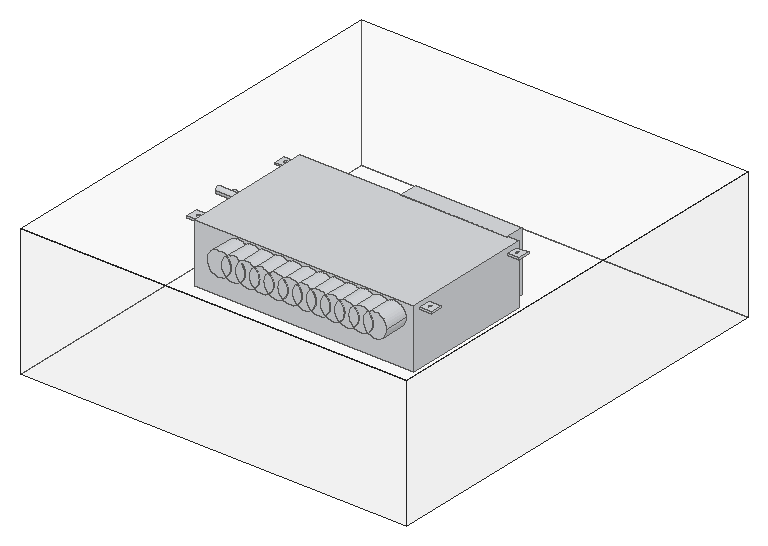
Revit family "cmb-p104_1016(j(a)1_kb1)_50Hz_A", category 機械設備, Revit 2023
Family settings
  丸型コネクタ寸法 = 直径を使用
  パーツ タイプ = 標準
  OmniClass 番号 = 23.75.10.24.21.27.24
  OmniClass タイトル = Room Air Conditioners
  作業面ベース = いいえ
  常に垂直 = はい
  ロード時にボイドで切り取り = いいえ
  注釈の向きを維持 = いいえ
  共有 = いいえ
  部屋計算ポイント = はい
Parameters (values of type "CMB-P1012J1")
  高圧径_室外ユニット側 = 19.05 mm
  高圧径_分コン子機側 = 0.00 mm
  音響パワーレベル(dB) = 0
  電源種別 = ""
  電圧 = 200 V
  運転質量 = 0.00 kg
  質量 = if(製品質量 > 運転質量, 製品質量, 運転質量) * 1.2  # 61.20 kg
  負荷分類 = 3_ファン類
  説明 = "ビル用マルチエアコン 室外ユニット用 分流コントローラー"
  設置方法 = "天井吊（隠ぺい形）"
  記号 [instance] = ""
  製造元 = "三菱電機株式会社"
  製品質量 = 51.00 kg
  製品出荷対象 = "国内"
  製品リリース年月 = "2019年6月1日"
  製品グループ = ""
  系統 [instance] = ""
  管径符号_室外ユニット側 = "Eh"
  符号 = ""
  積算_科目 = "1 空気調和設備"
  積算_拾い区分 [instance] = ""
  相 = 1
  盤記号 [instance] = ""
  発停方法 = ""
  特殊仕様 [instance] = ""
  点検口位置W = 650 mm
  点検口_右側 = no
  火災停止 = ""
  消費電力_暖房 = 93 W
  消費電力_冷房 = 194 W
  消費電力 = if(消費電力_冷房 > 消費電力_暖房, 消費電力_冷房, 消費電力_暖房)  # 194 W
  法定耐用年数 = "15"
  極数 = 2
  材質 [instance] = ""
  書き出し IFC クラス(タイプ) = "IfcUnitaryEquipmentType"
  既定の高さ = 0 mm
  推奨ブレーカー容量 = 15 A
  形式 = "個別ユニット（天井吊（隠ぺい形））"
  形名 = CMB-P-JKAB : CMB-P1012J1
  幹線記号 [instance] = ""
  定義済み IFC タイプ(タイプ) = "AIRCONDITIONINGUNIT"
  始動方式 = "直入"
  呼称 = "室内機_天井吊（隠ぺい形）"
  周波数 = 50 Hz
  参照している仕様書等のバージョン = "公共建築工事標準仕様書（機械設備工事編）平成31年度版"
  分類コード = "50053003221160"
  分類グループ = ""
  冷媒高低圧ガス管径 = 0.00 mm
  冷媒管径符号 = "Bd"
  冷媒管径 = 100.00 mm
  冷媒液管径_分コン子機側 = 0.00 mm
  冷媒液管径 = 9.52 mm
  冷媒ガス管径 = 15.88 mm
  低圧径_室外ユニット側 = 28.58 mm
  低圧径_分コン子機側 = 0.00 mm
  企業コード = "108420"
  モデル = "CMB-P1012J1"
  コメント [instance] = ""
  ケーブルサイズ = 1.6 mm
  Keynote = ""
  Version = ""
  Uniclass2015Version = "Systems v1.9"
  Uniclass2015Title = "Split coil remote air cooled condensing units"
  Uniclass2015Code = ""
  URL = "https://www.mitsubishielectric.co.jp/ldg/wink/ssl/displayProduct.do?pid=298332"
  SpecificationReference = ""
  SpecificationDescription = ""
  Revision = ""
  ProductInformation = ""
  OmniClassCode = ""
  IfcTypeProduct = ""
  IfcProduct = ""
  IfcExportType = "AIRCONDITIONINGUNIT"
  IfcExportAs = "IfcUnitaryEquipmentType"
  仕様書バージョン = "Version1.0"
  ドレン管径 = 32.00 mm
  Width = 927 mm
  Height = 253 mm
  Depth = 554 mm
  Clearance Top = 100 mm
  Clearance Right = 410 mm
  Clearance Left = 300 mm
  Clearance Front = 550 mm
  Clearance Bottom = 200 mm
  Clearance Back = 700 mm
  Author = "三菱電機株式会社"
Types (10, lengths in mm): name | 高圧径_室外ユニット側 | 高圧径_分コン子機側 | 質量 | 製品質量 | 管径符号_室外ユニット側 | 点検口位置W | 点検口_右側 | 消費電力_暖房 | 消費電力_冷房 | 消費電力 | 形名 | 冷媒液管径_分コン子機側 | 低圧径_室外ユニット側 | 低圧径_分コン子機側 | モデル | URL | Width | Depth | Clearance Right | Clearance Left
  CMB-P104J1 | 19.05 | 0.00 | 32.40 kg | 27.00 kg | "Eh" | 80 | no | 31 W | 70 W | 70 W | CMB-P-JKAB : CMB-P104J1 | 0.00 | 28.58 | 0.00 | "CMB-P104J1" | "https://www.mitsubishielectric.co.jp/ldg/wink/ssl/displayProduct.do?pid=298329" | 612 | 407 | 0 | 370
  CMB-P106J1 | 19.05 | 0.00 | 37.20 kg | 31.00 kg | "Eh" | 80 | no | 47 W | 101 W | 101 W | CMB-P-JKAB : CMB-P106J1 | 0.00 | 28.58 | 0.00 | "CMB-P106J1" | "https://www.mitsubishielectric.co.jp/ldg/wink/ssl/displayProduct.do?pid=298330" | 612 | 407 | 0 | 370
  CMB-P108J1 | 19.05 | 0.00 | 42.00 kg | 35.00 kg | "Eh" | 80 | no | 62 W | 132 W | 132 W | CMB-P-JKAB : CMB-P108J1 | 0.00 | 28.58 | 0.00 | "CMB-P108J1" | "https://www.mitsubishielectric.co.jp/ldg/wink/ssl/displayProduct.do?pid=298331" | 612 | 407 | 0 | 370
  CMB-P1012J1 | 19.05 | 0.00 | 61.20 kg | 51.00 kg | "Eh" | 650 | no | 93 W | 194 W | 194 W | CMB-P-JKAB : CMB-P1012J1 | 0.00 | 28.58 | 0.00 | "CMB-P1012J1" | "https://www.mitsubishielectric.co.jp/ldg/wink/ssl/displayProduct.do?pid=298332" | 927 | 554 | 410 | 300
  CMB-P1016J1 | 19.05 | 0.00 | 75.60 kg | 63.00 kg | "Eh" | 760 | no | 124 W | 255 W | 255 W | CMB-P-JKAB : CMB-P1016J1 | 0.00 | 28.58 | 0.00 | "CMB-P1016J1" | "https://www.mitsubishielectric.co.jp/ldg/wink/ssl/displayProduct.do?pid=298333" | 1151 | 554 | 410 | 300
  CMB-P108JA1 | 34.93 | 28.58 | 60.00 kg | 50.00 kg | "Jk" | 490 | yes | 62 W | 132 W | 132 W | CMB-P-JKAB : CMB-P108JA1 | 19.05 | 38.10 | 38.10 | "CMB-P108JA1" | "https://www.mitsubishielectric.co.jp/ldg/wink/ssl/displayProduct.do?pid=298334" | 927 | 554 | 250 | 300
  CMB-P1012JA1 | 19.05 | 28.58 | 75.60 kg | 63.00 kg | "Jk" | 760 | yes | 93 W | 194 W | 194 W | CMB-P-JKAB : CMB-P1012JA1 | 19.05 | 28.58 | 38.10 | "CMB-P1012JA1" | "https://www.mitsubishielectric.co.jp/ldg/wink/ssl/displayProduct.do?pid=298335" | 1151 | 554 | 410 | 300
  CMB-P1016JA1 | 19.05 | 28.58 | 85.20 kg | 71.00 kg | "Jk" | 760 | yes | 124 W | 255 W | 255 W | CMB-P-JKAB : CMB-P1016JA1 | 19.05 | 28.58 | 38.10 | "CMB-P1016JA1" | "https://www.mitsubishielectric.co.jp/ldg/wink/ssl/displayProduct.do?pid=298336" | 1151 | 554 | 410 | 300
  CMB-P104KB1 | 19.05 | 0.00 | 28.80 kg | 24.00 kg | "Eh" | 80 | no | 31 W | 62 W | 62 W | CMB-P-JKAB : CMB-P104KB1 | 0.00 | 28.58 | 0.00 | "CMB-P104KB1" | "https://www.mitsubishielectric.co.jp/ldg/wink/ssl/displayProduct.do?pid=298337" | 612 | 407 | 0 | 370
  CMB-P108KB1 | 19.05 | 0.00 | 38.40 kg | 32.00 kg | "Eh" | 80 | no | 62 W | 124 W | 124 W | CMB-P-JKAB : CMB-P108KB1 | 0.00 | 28.58 | 0.00 | "CMB-P108KB1" | "https://www.mitsubishielectric.co.jp/ldg/wink/ssl/displayProduct.do?pid=298339" | 612 | 407 | 0 | 370
Reference planes
  plane 1 "中心(正面/背面)": y = 0
  plane 2: z = 0
  plane 3 "中心(左/右)": x = 0
  plane 4: y = 277
  plane 5: y = -277
  plane 6: z = 253
  plane 7: x = -463.5
  plane 8: x = 463.5
  plane 9: z = 353
  plane 10 "tenken": z = -200
  plane 11: y = 977
  plane 12: x = -763.5
  plane 13: y = -827
  plane 14: x = 873.5
  plane 15 "点検口_1": x = -313.5
  plane 16 "点検口_3": x = 223.5
  plane 17 "点検口_5": y = 453.5
Lines and regions (mm)
  Masking region 1, detail levels coarse+medium
    outline origin (0, 0, 0) x (1, 0, 0) y (0, 1, 0)
      loop
        line (-463.5, -277) -> (463.5, -277) -> (463.5, 277) -> (-463.5, 277) -> (-463.5, -277)
Dimensions and locks
  equal spacing: plane 4, plane 1 "中心(正面/背面)", plane 5
  "Depth": plane 4 to plane 5
  "Height": plane 6 to level
  equal spacing: plane 7, plane 3 "中心(左/右)", plane 8
  "Width": plane 7 to plane 8
  "Clearance Top": plane 9 to plane 6
  "Clearance Bottom": level to plane 10 "tenken"
  "Clearance Right": plane 8 to plane 14
  "Clearance Left": plane 12 to plane 7
  "Clearance Back": plane 11 to plane 4
  "Clearance Front": plane 5 to plane 13
  locked: plane 12 to plane 15 "点検口_1" at 450
  "点検口位置W": plane 16 "点検口_3" to plane 14
  aligned and locked: level to plane 2
  aligned and locked: Masking region 1 sketch curve to plane 7
  aligned and locked: plane 8 to Masking region 1 sketch curve
  aligned and locked: plane 14 to nested 1
  aligned and locked: nested 1 to plane 13
  aligned and locked: plane 12 to nested 1
  aligned and locked: nested 1 to plane 11
  aligned and locked: nested 1 to plane 9
  aligned and locked: plane 10 "tenken" to nested 1
  aligned and locked: plane 3 "中心(左/右)" to nested 2
  aligned and locked: plane 1 "中心(正面/背面)" to nested 2
  aligned and locked: nested 3 to plane 16 "点検口_3"
  aligned and locked: nested 3 to plane 11
  aligned and locked: plane 12 to nested 4
  aligned and locked: plane 13 to nested 4
  aligned and locked: nested 5 to plane 14
  aligned and locked: nested 5 to plane 13
Automatic sketch dimensions
  Masking region 1 sketch curve to plane 4 = 0 mm
  Masking region 1 sketch curve to plane 5 = 0 mm
Nested families
  nested 1: "サービススペース(CMB-P-JKAB)" at (55, 75, 76.5), type "サービススペース(CMB-P-JKAB)"
    with Width 1637 mm, Height 553 mm, Depth 1804 mm
  nested 2: "CMB-P-JKAB" at (0, -73.5, 0), type <- "形名", type "CMB-P1012J1"
  nested 3: "点検口設置範囲" at (-1.5, 752, -200), type "点検口設置範囲"
    with Width 450 mm, Depth 450 mm
  nested 4: "点検口設置範囲" at (-538.5, -602, -200), type "点検口設置範囲"
    with Width 450 mm, Depth 450 mm
  nested 5: "点検口設置範囲" at (648.5, -602, -200), visible <- "点検口_右側", type "点検口設置範囲"
    with Width 450 mm, Depth 450 mm
Connectors
  piping at (-583.5, -5, 205), diameter 28.58, driven by "低圧径_室外ユニット側"
    settings: on nested 2, index 1, connector inside diameter 609.60 mm, connector length 0 mm, flow factor 0, pipe flow 0.0 L/s, pressure drop 0.0 Pa, fitting loss kfactor 0, connector angle 0.00°, fixture units 0, engagement length 0 mm, angle of deflection 0.00°, flow configuration 0, flow direction 1, fitting loss method 4, system type 7, joint type 0, gender type 0, connector reference index -1, connector utility 0, adjustable connector no, is connector primary yes, connector description ""
  piping at (-583.5, -5, 205), diameter 28.58, driven by "低圧径_室外ユニット側"
    settings: on nested 2, index 2, connector inside diameter 609.60 mm, connector length 0 mm, flow factor 0, pipe flow 0.0 L/s, pressure drop 0.0 Pa, fitting loss kfactor 0, connector angle 0.00°, fixture units 0, engagement length 0 mm, angle of deflection 0.00°, flow configuration 1, flow direction 1, fitting loss method 4, system type 7, joint type 0, gender type 0, connector reference index -1, connector utility 0, adjustable connector no, is connector primary no, connector description ""
  piping at (-655.5, 4, 32), diameter 32, driven by "ドレン管径"
    settings: on nested 2, index 3, connector inside diameter 609.60 mm, connector length 0 mm, flow factor 0, pipe flow 0.0 L/s, pressure drop 0.0 Pa, fitting loss kfactor 0, connector angle 0.00°, fixture units 0, engagement length 0 mm, angle of deflection 0.00°, flow configuration 1, flow direction 2, fitting loss method 4, system type 16, joint type 0, gender type 0, connector reference index -1, connector utility 0, adjustable connector no, is connector primary no, connector description ""
  piping at (-282, -377, 193), diameter 100, driven by "冷媒管径", driven by "冷媒管径符号"
    settings: on nested 2, index 4, connector inside diameter 609.60 mm, connector length 0 mm, flow factor 0, pipe flow 0.0 L/s, pressure drop 0.0 Pa, fitting loss kfactor 0, connector angle 0.00°, fixture units 0, engagement length 0 mm, angle of deflection 0.00°, flow configuration 1, flow direction 1, fitting loss method 4, system type 7, joint type 0, gender type 0, connector reference index -1, connector utility 0, adjustable connector no, is connector primary no, connector description "Bd"
  piping at (-222, -377, 193), diameter 100, driven by "冷媒管径", driven by "冷媒管径符号"
    settings: on nested 2, index 5, connector inside diameter 609.60 mm, connector length 0 mm, flow factor 0, pipe flow 0.0 L/s, pressure drop 0.0 Pa, fitting loss kfactor 0, connector angle 0.00°, fixture units 0, engagement length 0 mm, angle of deflection 0.00°, flow configuration 1, flow direction 1, fitting loss method 4, system type 7, joint type 0, gender type 0, connector reference index -1, connector utility 0, adjustable connector no, is connector primary no, connector description "Bd"
  piping at (-162, -377, 193), diameter 100, driven by "冷媒管径", driven by "冷媒管径符号"
    settings: on nested 2, index 6, connector inside diameter 609.60 mm, connector length 0 mm, flow factor 0, pipe flow 0.0 L/s, pressure drop 0.0 Pa, fitting loss kfactor 0, connector angle 0.00°, fixture units 0, engagement length 0 mm, angle of deflection 0.00°, flow configuration 1, flow direction 1, fitting loss method 4, system type 7, joint type 0, gender type 0, connector reference index -1, connector utility 0, adjustable connector no, is connector primary no, connector description "Bd"
  piping at (-102, -377, 193), diameter 100, driven by "冷媒管径", driven by "冷媒管径符号"
    settings: on nested 2, index 7, connector inside diameter 609.60 mm, connector length 0 mm, flow factor 0, pipe flow 0.0 L/s, pressure drop 0.0 Pa, fitting loss kfactor 0, connector angle 0.00°, fixture units 0, engagement length 0 mm, angle of deflection 0.00°, flow configuration 1, flow direction 1, fitting loss method 4, system type 7, joint type 0, gender type 0, connector reference index -1, connector utility 0, adjustable connector no, is connector primary no, connector description "Bd"
  piping at (-42, -377, 193), diameter 100, driven by "冷媒管径", driven by "冷媒管径符号"
    settings: on nested 2, index 8, connector inside diameter 609.60 mm, connector length 0 mm, flow factor 0, pipe flow 0.0 L/s, pressure drop 0.0 Pa, fitting loss kfactor 0, connector angle 0.00°, fixture units 0, engagement length 0 mm, angle of deflection 0.00°, flow configuration 1, flow direction 1, fitting loss method 4, system type 7, joint type 0, gender type 0, connector reference index -1, connector utility 0, adjustable connector no, is connector primary no, connector description "Bd"
  piping at (18, -377, 193), diameter 100, driven by "冷媒管径", driven by "冷媒管径符号"
    settings: on nested 2, index 9, connector inside diameter 609.60 mm, connector length 0 mm, flow factor 0, pipe flow 0.0 L/s, pressure drop 0.0 Pa, fitting loss kfactor 0, connector angle 0.00°, fixture units 0, engagement length 0 mm, angle of deflection 0.00°, flow configuration 1, flow direction 1, fitting loss method 4, system type 7, joint type 0, gender type 0, connector reference index -1, connector utility 0, adjustable connector no, is connector primary no, connector description "Bd"
  piping at (78, -377, 193), diameter 100, driven by "冷媒管径", driven by "冷媒管径符号"
    settings: on nested 2, index 10, connector inside diameter 609.60 mm, connector length 0 mm, flow factor 0, pipe flow 0.0 L/s, pressure drop 0.0 Pa, fitting loss kfactor 0, connector angle 0.00°, fixture units 0, engagement length 0 mm, angle of deflection 0.00°, flow configuration 1, flow direction 1, fitting loss method 4, system type 7, joint type 0, gender type 0, connector reference index -1, connector utility 0, adjustable connector no, is connector primary no, connector description "Bd"
  piping at (138, -377, 193), diameter 100, driven by "冷媒管径", driven by "冷媒管径符号"
    settings: on nested 2, index 11, connector inside diameter 609.60 mm, connector length 0 mm, flow factor 0, pipe flow 0.0 L/s, pressure drop 0.0 Pa, fitting loss kfactor 0, connector angle 0.00°, fixture units 0, engagement length 0 mm, angle of deflection 0.00°, flow configuration 1, flow direction 1, fitting loss method 4, system type 7, joint type 0, gender type 0, connector reference index -1, connector utility 0, adjustable connector no, is connector primary no, connector description "Bd"
  piping at (198, -377, 193), diameter 100, driven by "冷媒管径", driven by "冷媒管径符号"
    settings: on nested 2, index 12, connector inside diameter 609.60 mm, connector length 0 mm, flow factor 0, pipe flow 0.0 L/s, pressure drop 0.0 Pa, fitting loss kfactor 0, connector angle 0.00°, fixture units 0, engagement length 0 mm, angle of deflection 0.00°, flow configuration 1, flow direction 1, fitting loss method 4, system type 7, joint type 0, gender type 0, connector reference index -1, connector utility 0, adjustable connector no, is connector primary no, connector description "Bd"
  piping at (258, -377, 193), diameter 100, driven by "冷媒管径", driven by "冷媒管径符号"
    settings: on nested 2, index 13, connector inside diameter 609.60 mm, connector length 0 mm, flow factor 0, pipe flow 0.0 L/s, pressure drop 0.0 Pa, fitting loss kfactor 0, connector angle 0.00°, fixture units 0, engagement length 0 mm, angle of deflection 0.00°, flow configuration 1, flow direction 1, fitting loss method 4, system type 7, joint type 0, gender type 0, connector reference index -1, connector utility 0, adjustable connector no, is connector primary no, connector description "Bd"
  piping at (318, -377, 193), diameter 100, driven by "冷媒管径", driven by "冷媒管径符号"
    settings: on nested 2, index 14, connector inside diameter 609.60 mm, connector length 0 mm, flow factor 0, pipe flow 0.0 L/s, pressure drop 0.0 Pa, fitting loss kfactor 0, connector angle 0.00°, fixture units 0, engagement length 0 mm, angle of deflection 0.00°, flow configuration 1, flow direction 1, fitting loss method 4, system type 7, joint type 0, gender type 0, connector reference index -1, connector utility 0, adjustable connector no, is connector primary no, connector description "Bd"
  piping at (378, -377, 193), diameter 100, driven by "冷媒管径", driven by "冷媒管径符号"
    settings: on nested 2, index 15, connector inside diameter 609.60 mm, connector length 0 mm, flow factor 0, pipe flow 0.0 L/s, pressure drop 0.0 Pa, fitting loss kfactor 0, connector angle 0.00°, fixture units 0, engagement length 0 mm, angle of deflection 0.00°, flow configuration 1, flow direction 1, fitting loss method 4, system type 7, joint type 0, gender type 0, connector reference index -1, connector utility 0, adjustable connector no, is connector primary no, connector description "Bd"
  piping at (438, -377, 193), diameter 100, driven by "冷媒管径", driven by "冷媒管径符号"
    settings: on nested 2, index 16, connector inside diameter 609.60 mm, connector length 0 mm, flow factor 0, pipe flow 0.0 L/s, pressure drop 0.0 Pa, fitting loss kfactor 0, connector angle 0.00°, fixture units 0, engagement length 0 mm, angle of deflection 0.00°, flow configuration 1, flow direction 1, fitting loss method 4, system type 7, joint type 0, gender type 0, connector reference index -1, connector utility 0, adjustable connector no, is connector primary no, connector description "Bd"
  piping at (498, -377, 193), diameter 100, driven by "冷媒管径", driven by "冷媒管径符号"
    settings: on nested 2, index 17, connector inside diameter 609.60 mm, connector length 0 mm, flow factor 0, pipe flow 0.0 L/s, pressure drop 0.0 Pa, fitting loss kfactor 0, connector angle 0.00°, fixture units 0, engagement length 0 mm, angle of deflection 0.00°, flow configuration 1, flow direction 1, fitting loss method 4, system type 7, joint type 0, gender type 0, connector reference index -1, connector utility 0, adjustable connector no, is connector primary no, connector description "Bd"
  piping at (558, -377, 193), diameter 100, driven by "冷媒管径", driven by "冷媒管径符号"
    settings: on nested 2, index 18, connector inside diameter 609.60 mm, connector length 0 mm, flow factor 0, pipe flow 0.0 L/s, pressure drop 0.0 Pa, fitting loss kfactor 0, connector angle 0.00°, fixture units 0, engagement length 0 mm, angle of deflection 0.00°, flow configuration 1, flow direction 1, fitting loss method 4, system type 7, joint type 0, gender type 0, connector reference index -1, connector utility 0, adjustable connector no, is connector primary no, connector description "Bd"
  piping at (-583.5, -102, 215), diameter 15.88, driven by "冷媒ガス管径"
    settings: on nested 2, index 19, connector inside diameter 609.60 mm, connector length 0 mm, flow factor 0, pipe flow 0.0 L/s, pressure drop 0.0 Pa, fitting loss kfactor 0, connector angle 0.00°, fixture units 0, engagement length 0 mm, angle of deflection 0.00°, flow configuration 1, flow direction 1, fitting loss method 4, system type 7, joint type 0, gender type 0, connector reference index -1, connector utility 0, adjustable connector no, is connector primary no, connector description ""
  piping at (618, -377, 193), diameter 100, driven by "冷媒管径", driven by "冷媒管径符号"
    settings: on nested 2, index 20, connector inside diameter 609.60 mm, connector length 0 mm, flow factor 0, pipe flow 0.0 L/s, pressure drop 0.0 Pa, fitting loss kfactor 0, connector angle 0.00°, fixture units 0, engagement length 0 mm, angle of deflection 0.00°, flow configuration 1, flow direction 1, fitting loss method 4, system type 7, joint type 0, gender type 0, connector reference index -1, connector utility 0, adjustable connector no, is connector primary no, connector description "Bd"
  piping at (-583.5, 73, 161), diameter 19.05, driven by "高圧径_室外ユニット側"
    settings: on nested 2, index 21, connector inside diameter 609.60 mm, connector length 0 mm, flow factor 0, pipe flow 0.0 L/s, pressure drop 0.0 Pa, fitting loss kfactor 0, connector angle 0.00°, fixture units 0, engagement length 0 mm, angle of deflection 0.00°, flow configuration 1, flow direction 1, fitting loss method 4, system type 7, joint type 0, gender type 0, connector reference index -1, connector utility 0, adjustable connector no, is connector primary no, connector description ""
  piping at (619.5, 110, 205), driven by "高圧径_分コン子機側"
    settings: on nested 2, index 22, connector diameter 0.00 mm, connector inside diameter 609.60 mm, connector length 0 mm, flow factor 0, pipe flow 0.0 L/s, pressure drop 0.0 Pa, fitting loss kfactor 0, connector angle 0.00°, fixture units 0, engagement length 0 mm, angle of deflection 0.00°, flow configuration 1, flow direction 1, fitting loss method 4, system type 7, joint type 0, gender type 0, connector reference index -1, connector utility 0, adjustable connector no, is connector primary no, connector description ""
  piping at (619.5, -5, 205), driven by "低圧径_分コン子機側"
    settings: on nested 2, index 23, connector diameter 0.00 mm, connector inside diameter 609.60 mm, connector length 0 mm, flow factor 0, pipe flow 0.0 L/s, pressure drop 0.0 Pa, fitting loss kfactor 0, connector angle 0.00°, fixture units 0, engagement length 0 mm, angle of deflection 0.00°, flow configuration 1, flow direction 1, fitting loss method 4, system type 7, joint type 0, gender type 0, connector reference index -1, connector utility 0, adjustable connector no, is connector primary no, connector description ""
  piping at (547.5, 56, 155), driven by "冷媒液管径_分コン子機側"
    settings: on nested 2, index 24, connector diameter 0.00 mm, connector inside diameter 609.60 mm, connector length 0 mm, flow factor 0, pipe flow 0.0 L/s, pressure drop 0.0 Pa, fitting loss kfactor 0, connector angle 0.00°, fixture units 0, engagement length 0 mm, angle of deflection 0.00°, flow configuration 1, flow direction 1, fitting loss method 4, system type 7, joint type 0, gender type 0, connector reference index -1, connector utility 0, adjustable connector no, is connector primary no, connector description ""
  electrical at (188.5, 354, 126.5), driven by "電圧", driven by "負荷分類", driven by "消費電力", driven by "極数"
    settings: on nested 2, index 25, voltage 200 V, apparent load 194 VA, apparent load phase1 0 VA, apparent load phase2 0 VA, apparent load phase3 0 VA, power factor 1, load classification "3_ファン類", number of poles 2, system type 30, power factor state 1, is connector primary yes, connector utility no, sub classification motor no, connector description ""
Definition of nested family "サービススペース(CMB-P-JKAB)"
  Parameters (values of type "サービススペース")
    Default Elevation = 0 mm
    Width [instance] = 500 mm
    Height [instance] = 500 mm
    Depth [instance] = 500 mm
  Reference planes
    plane 1 "中心(正面/背面)": y = 0
    plane 2: z = 0
    plane 3 "中心(左/右)": x = 0
    plane 4: y = -250
    plane 5: x = 250
    plane 6: y = 250
    plane 7: x = -250
    plane 8: z = 250
    plane 9: z = -250
  Forms (mm)
    Extrusion 1, solid
      sketch origin (-638.939, 0, 72.39) x (1, 0, 0) y (0, 1, 0)
        loop
          line (388.939, 250) -> (388.939, -250) -> (888.939, -250) -> (888.939, 250) -> (388.939, 250)
      from -322.39 to 177.61
  Lines and regions (mm)
    symbolic lines
      curve 1: line (-250, 0, 250) -> (250, 0, 250)
      curve 2: line (-250, 0, -250) -> (-250, 0, 250)
      curve 3: line (250, 0, -250) -> (-250, 0, -250)
      curve 4: line (250, 0, 250) -> (250, 0, -250)
      curve 5: line (0, -250, 250) -> (0, 250, 250)
      curve 6: line (0, -250, -250) -> (0, -250, 250)
      curve 7: line (0, 250, -250) -> (0, -250, -250)
      curve 8: line (0, 250, 250) -> (0, 250, -250)
      curve 9: line (-250, 250, 0) -> (250, 250, 0)
      curve 10: line (-250, -250, 0) -> (-250, 250, 0)
      curve 11: line (250, -250, 0) -> (-250, -250, 0)
      curve 12: line (250, 250, 0) -> (250, -250, 0)
  Dimensions and locks
    equal spacing: plane 7, plane 3 "中心(左/右)", plane 5
    equal spacing: plane 4, plane 1 "中心(正面/背面)", plane 6
    "Depth": plane 4 to plane 6
    "Width": plane 7 to plane 5
    equal spacing: plane 8, plane 2, plane 9
    "Height": plane 8 to plane 9
    aligned and locked: plane 9 to curve 3
    aligned and locked: plane 7 to curve 2
    aligned and locked: curve 4 to plane 5
    aligned and locked: plane 5 to Extrusion 1
    aligned and locked: Extrusion 1 to plane 7
    aligned and locked: Extrusion 1 to plane 9
    aligned and locked: plane 8 to Extrusion 1
    aligned and locked: plane 9 to curve 7
  Automatic sketch dimensions
    plane 4 to Extrusion 1 sketch curve = 0 mm
    Extrusion 1 sketch curve to plane 7 = 0 mm
    Extrusion 1 sketch curve to plane 5 = 0 mm
    plane 6 to Extrusion 1 sketch curve = 0 mm
    curve 2 to plane 8 = 0 mm
    plane 4 to curve 11 = 0 mm
    curve 11 to plane 7 = 0 mm
    curve 11 to plane 5 = 0 mm
    plane 6 to curve 10 = 0 mm
    curve 7 to plane 4 = 0 mm
    curve 7 to plane 6 = 0 mm
    curve 6 to plane 8 = 0 mm
Definition of nested family "CMB-P-JKAB"
  Parameters (values of type "CMB-P1012J1")
    配管接続口液 = 6.35 mm  # constant formula
    配管接続口ガス = 12.7 mm  # constant formula
    表示 = no
    液径 = 15.88 mm
    液_表示 = no
    Default Elevation = 0 mm
    右液W = 84 mm  # constant formula
    右液H = 98 mm  # constant formula
    右液D = 333 mm  # constant formula
    右接続口液 = 19.05 mm  # constant formula
    右低圧径 = 38.1 mm  # constant formula
    低圧径 = 28.58 mm
    吊りボルトW = 983 mm
    吊りボルトH = 23 mm
    吊りボルトD = 463 mm
    配管径 = 100 mm  # constant formula
    低圧W = 120 mm
    低圧H = 48 mm
    低圧D = 272 mm
    右高圧径 = 28.58 mm  # constant formula
    右高圧W = 156 mm  # constant formula
    右高圧H = 48 mm  # constant formula
    右高圧D = 387 mm  # constant formula
    右低圧W = 156 mm  # constant formula
    右低圧H = 48 mm  # constant formula
    右低圧D = 272 mm  # constant formula
    ドレン径 = 32 mm
    ドレンW = 192 mm
    ドレンH = 221 mm
    ドレンD = 281 mm
    高圧径 = 19.05 mm
    高圧W = 120 mm
    高圧H = 92 mm
    高圧D = 350 mm
    コネクタ8 = yes
    コネクタ6 = yes
    コネクタ4 = yes
    コネクタ16 = no
    コネクタ12 = yes
    ①幅 = 927 mm
    ①高さ = 253 mm
    ①奥行き = 554 mm
    C = 197 mm
    B = 49 mm
    A = 77 mm
    G = 0 mm
    F = 0 mm
    E = 0 mm
    D = 166 mm
  Types (10, lengths in mm): name | 表示 | 液_表示 | 吊りボルトW | 吊りボルトH | 吊りボルトD | 低圧W | 低圧H | 低圧D | ドレンD | 高圧W | 高圧H | 高圧D | コネクタ8 | コネクタ6 | コネクタ16 | コネクタ12 | ①幅 | ①奥行き | C | B | A | D
    CMB-P104J1 | no | no | 648 | 11 | 323 | 120 | 38 | 110 | 207 | 120 | 122 | 276 | no | no | no | no | 612 | 407 | 127 | 46 | 78 | 96
    CMB-P104KB1 | no | yes | 648 | 11 | 323 | 90 | 38 | 110 | 207 | 120 | 122 | 276 | no | no | no | no | 612 | 407 | 127 | 46 | 78 | 96
    CMB-P106J1 | no | no | 648 | 11 | 323 | 120 | 38 | 110 | 207 | 120 | 122 | 276 | no | yes | no | no | 612 | 407 | 127 | 46 | 78 | 96
    CMB-P108J1 | no | no | 648 | 11 | 323 | 120 | 38 | 110 | 207 | 120 | 122 | 276 | yes | yes | no | no | 612 | 407 | 127 | 46 | 78 | 96
    CMB-P108JA1 | yes | no | 983 | 23 | 463 | 156 | 48 | 272 | 281 | 156 | 92 | 350 | yes | yes | no | no | 927 | 554 | 196 | 49 | 77 | 166
    CMB-P108KB1 | no | yes | 648 | 11 | 323 | 90 | 38 | 110 | 207 | 120 | 122 | 276 | yes | yes | no | no | 612 | 407 | 127 | 46 | 78 | 96
    CMB-P1012J1 | no | no | 983 | 23 | 463 | 120 | 48 | 272 | 281 | 120 | 92 | 350 | yes | yes | no | yes | 927 | 554 | 197 | 49 | 77 | 166
    CMB-P1012JA1 | yes | no | 1207 | 23 | 463 | 156 | 48 | 272 | 281 | 156 | 92 | 350 | yes | yes | no | yes | 1151 | 554 | 196 | 49 | 77 | 166
    CMB-P1016J1 | no | no | 1207 | 23 | 463 | 120 | 48 | 272 | 281 | 120 | 92 | 350 | yes | yes | yes | yes | 1151 | 554 | 197 | 49 | 77 | 166
    CMB-P1016JA1 | yes | no | 1207 | 23 | 463 | 156 | 48 | 272 | 281 | 156 | 92 | 350 | yes | yes | yes | yes | 1151 | 554 | 196 | 49 | 77 | 166
  Reference planes
    plane 1 "中心(正面/背面)": y = 73.5
    plane 2: z = 0
    plane 3 "中心(左/右)": x = 0
    plane 4: x = -463.5
    plane 5: x = 463.5
    plane 6: y = 350.5
    plane 7: y = -203.5
    plane 8: z = 253
    plane 9: y = 308.5
    plane 10: y = -154.5
    plane 11: x = -491.5
    plane 12: x = 491.5
    plane 13: y = 427.5
    plane 14: x = 413.5
    plane 15: x = -36.5
    plane 16: x = -266.5
    plane 17: z = 227
    plane 18: z = 159
    plane 19: x = -297.5
    plane 20: z = 230
    plane 21: y = 333.5
    plane 22: y = 283.5
    plane 23: y = -129.5
    plane 24: y = -179.5
    plane 25: x = 516.5
    plane 26: x = -516.5
    plane 27: y = -303.5
    plane 28: y = 68.5
    plane 29: y = 146.5
    plane 30: y = 77.5
    plane 31: x = -583.5
    plane 32: x = -655.5
    plane 33: z = 32
    plane 34: z = 161
    plane 35: z = 205
    plane 36: y = 183.5
    plane 37: y = 129.5
    plane 38: y = 68.5
    plane 39: x = 547.5
    plane 40: x = 619.5
    plane 41: z = 155
    plane 42: z = 205
    plane 43: x = -282
    plane 44: x = -222
    plane 45: x = -162
    plane 46: x = -102
    plane 47: x = -42
    plane 48: x = 18
    plane 49: x = 78
    plane 50: x = 138
    plane 51: x = 198
    plane 52: x = 258
    plane 53: x = 318
    plane 54: x = 378
    plane 55: x = 438
    plane 56: x = 498
    plane 57: x = 558
    plane 58: z = 193
    plane 59: y = -28.5
    plane 60: z = 215
    plane 61: x = 618
    plane 62: x = -583.5
  Forms (mm)
    Extrusion 1, solid
      sketch origin (0, 0, 0) x (1, 0, 0) y (0, 1, 0)
        loop
          line (-463.5, 350.5) -> (-463.5, -203.5) -> (463.5, -203.5) -> (463.5, 350.5) -> (-463.5, 350.5)
      from 0 to 253
    Extrusion 2, solid
      sketch origin (0, 0, 0) x (1, 0, 0) y (0, 1, 0)
        loop
          line (-36.5, 427.5) -> (-36.5, 350.5) -> (413.5, 350.5) -> (413.5, 427.5) -> (-36.5, 427.5)
      from 0 to 253
    Extrusion 3, solid, detail levels fine
      sketch origin (0, 0, 0) x (1, 0, 0) y (0, 1, 0)
        loop
          line (-516.5, 333.5) -> (-516.5, 283.5) -> (-463.5, 283.5) -> (-463.5, 333.5) -> (-516.5, 333.5)
        loop
          circle (-491.5, 308.5) r 5
        loop
          line (516.5, 333.5) -> (463.5, 333.5) -> (463.5, 283.5) -> (516.5, 283.5) -> (516.5, 333.5)
        loop
          circle (491.5, 308.5) r 5
        loop
          line (516.5, -179.5) -> (516.5, -129.5) -> (463.5, -129.5) -> (463.5, -179.5) -> (516.5, -179.5)
        loop
          circle (491.5, -154.5) r 5
        loop
          line (-516.5, -179.5) -> (-463.5, -179.5) -> (-463.5, -129.5) -> (-516.5, -129.5) -> (-516.5, -179.5)
        loop
          circle (-491.5, -154.5) r 5
      from 237 to 230
    Extrusion 4, solid, detail levels fine
      sketch origin (0, 0, 0) x (0, 1, 0) y (0, 0, 1)
        loop
          circle (68.5, 205) r 14.29
      from -583.5 to -463.5
    Extrusion 5, solid, detail levels fine
      sketch origin (0, 0, 0) x (0, 1, 0) y (0, 0, 1)
        loop
          circle (77.5, 32) r 16
      from -655.5 to -463.5
    Extrusion 6, solid, visible <- "表示", detail levels fine
      sketch origin (0, 0, 0) x (0, 1, 0) y (0, 0, 1)
        loop
          circle (129.5, 155) r 9.525
      from 463.5 to 547.5
    Extrusion 7, solid, visible <- "表示", detail levels fine
      sketch origin (0, 0, 0) x (0, 1, 0) y (0, 0, 1)
        loop
          circle (183.5, 205) r 14.29
        loop
          circle (68.5, 205) r 19.05
      from 463.5 to 619.5
    Extrusion 8, solid, visible <- "コネクタ4", detail levels fine
      sketch origin (0, 73.5, 0) x (1, 0, 0) y (0, 0, 1)
        loop
          circle (-282, 193) r 50
      from 277 to 377
    Extrusion 9, solid, visible <- "コネクタ4", detail levels fine
      sketch origin (60, 73.5, 0) x (1, 0, 0) y (0, 0, 1)
        loop
          circle (-282, 193) r 50
      from 277 to 377
    Extrusion 10, solid, visible <- "コネクタ4", detail levels fine
      sketch origin (120, 73.5, 0) x (1, 0, 0) y (0, 0, 1)
        loop
          circle (-282, 193) r 50
      from 277 to 377
    Extrusion 11, solid, visible <- "コネクタ4", detail levels fine
      sketch origin (180, 73.5, 0) x (1, 0, 0) y (0, 0, 1)
        loop
          circle (-282, 193) r 50
      from 277 to 377
    Extrusion 12, solid, visible <- "コネクタ6", detail levels fine
      sketch origin (240, 73.5, 0) x (1, 0, 0) y (0, 0, 1)
        loop
          circle (-282, 193) r 50
      from 277 to 377
    Extrusion 13, solid, visible <- "コネクタ6", detail levels fine
      sketch origin (300, 73.5, 0) x (1, 0, 0) y (0, 0, 1)
        loop
          circle (-282, 193) r 50
      from 277 to 377
    Extrusion 14, solid, visible <- "コネクタ8", detail levels fine
      sketch origin (360, 73.5, 0) x (1, 0, 0) y (0, 0, 1)
        loop
          circle (-282, 193) r 50
      from 277 to 377
    Extrusion 15, solid, visible <- "コネクタ8", detail levels fine
      sketch origin (420, 73.5, 0) x (1, 0, 0) y (0, 0, 1)
        loop
          circle (-282, 193) r 50
      from 277 to 377
    Extrusion 16, solid, visible <- "コネクタ12", detail levels fine
      sketch origin (480, 73.5, 0) x (1, 0, 0) y (0, 0, 1)
        loop
          circle (-282, 193) r 50
      from 277 to 377
    Extrusion 17, solid, visible <- "コネクタ12", detail levels fine
      sketch origin (540, 73.5, 0) x (1, 0, 0) y (0, 0, 1)
        loop
          circle (-282, 193) r 50
      from 277 to 377
    Extrusion 18, solid, visible <- "コネクタ12", detail levels fine
      sketch origin (600, 73.5, 0) x (1, 0, 0) y (0, 0, 1)
        loop
          circle (-282, 193) r 50
      from 277 to 377
    Extrusion 19, solid, visible <- "コネクタ12", detail levels fine
      sketch origin (660, 73.5, 0) x (1, 0, 0) y (0, 0, 1)
        loop
          circle (-282, 193) r 50
      from 277 to 377
    Extrusion 20, solid, visible <- "コネクタ16", detail levels fine
      sketch origin (720, 73.5, 0) x (1, 0, 0) y (0, 0, 1)
        loop
          circle (-282, 193) r 50
      from 277 to 377
    Extrusion 21, solid, visible <- "コネクタ16", detail levels fine
      sketch origin (780, 73.5, 0) x (1, 0, 0) y (0, 0, 1)
        loop
          circle (-282, 193) r 50
      from 277 to 377
    Extrusion 22, solid, visible <- "コネクタ16", detail levels fine
      sketch origin (840, 73.5, 0) x (1, 0, 0) y (0, 0, 1)
        loop
          circle (-282, 193) r 50
      from 277 to 377
    Extrusion 23, solid, visible <- "液_表示", detail levels fine
      sketch origin (0, 0, 0) x (0, 1, 0) y (0, 0, 1)
        loop
          circle (-28.5, 215) r 7.94
      from -583.5 to -463.5
    Extrusion 24, solid, visible <- "コネクタ16", detail levels fine
      sketch origin (900, 73.5, 0) x (1, 0, 0) y (0, 0, 1)
        loop
          circle (-282, 193) r 50
      from 277 to 377
    Extrusion 25, solid, detail levels fine
      sketch origin (0, 0, 0) x (0, 1, 0) y (0, 0, 1)
        loop
          circle (146.5, 161) r 9.525
      from -583.5 to -463.5
  Dimensions and locks
    equal spacing: plane 7, plane 1 "中心(正面/背面)", plane 6
    "①奥行き": plane 7 to plane 6
    equal spacing: plane 4, plane 3 "中心(左/右)", plane 5
    "①幅": plane 4 to plane 5
    equal spacing: plane 11, plane 3 "中心(左/右)", plane 12
    "吊りボルトW": plane 11 to plane 12
    "吊りボルトD": plane 10 to plane 9
    "①高さ": plane 8 to level
    locked: plane 15 to plane 14 at 450
    locked: plane 14 to plane 5 at 50
    "A": plane 6 to plane 13
    "B": plane 7 to plane 10
    "C": plane 4 to plane 16
    plane 8 to plane 17 to plane 18 = 26 mm locked, 68 mm locked
    "D": plane 4 to plane 19
    "吊りボルトH": plane 8 to plane 20
    plane 22 to plane 9 to plane 21 = 25 mm locked, 25 mm locked
    plane 24 to plane 10 to plane 23 = 25 mm locked, 25 mm locked
    locked: plane 27 to plane 7 at 100
    locked: plane 12 to plane 25 at 25
    locked: plane 26 to plane 11 at 25
    "低圧D": plane 7 to plane 28
    "高圧D": plane 7 to plane 29
    "ドレンD": plane 7 to plane 30
    "ドレンW": plane 32 to plane 4
    "高圧W": plane 31 to plane 4
    "ドレンH": plane 8 to plane 33
    "高圧H": plane 8 to plane 34
    "低圧H": plane 8 to plane 35
    plane 30 to plane 7 = 281 mm
    plane 28 to plane 7 = 272 mm
    plane 29 to plane 7 = 350 mm
    plane 8 to plane 35 = 48 mm
    plane 8 to plane 34 = 92 mm
    plane 8 to plane 33 = 221 mm
    "右低圧D": plane 7 to plane 38
    "右液D": plane 7 to plane 37
    "右高圧D": plane 7 to plane 36
    "右液W": plane 5 to plane 39
    "右高圧W": plane 5 to plane 40
    "右高圧H": plane 8 to plane 42
    "右液H": plane 8 to plane 41
    plane 7 to plane 38 = 272 mm
    plane 7 to plane 36 = 387 mm
    plane 7 to plane 37 = 333 mm
    equal spacing: plane 19, plane 43, plane 16
    plane 43 to plane 44 to plane 45 to plane 46 to plane 47 = 60 mm locked, 60 mm locked, 60 mm locked, 60 mm locked
    plane 47 to plane 48 to plane 49 to plane 50 to plane 51 to plane 52 to plane 53 to plane 54 = 60 mm locked, 60 mm locked, 60 mm locked, 60 mm locked, 60 mm locked, 60 mm locked, 60 mm locked
    plane 54 to plane 55 to plane 56 = 60 mm locked, 60 mm locked
    locked: plane 56 to plane 57 at 60
    equal spacing: plane 17, plane 58, plane 18
    plane 57 to plane 56 to plane 55 to plane 54 to plane 53 to plane 52 to plane 51 to plane 50 to plane 49 to plane 48 to plane 47 to plane 46 to plane 45 to plane 44 to plane 43 = 60 mm, 60 mm, 60 mm, 60 mm, 60 mm, 60 mm, 60 mm, 60 mm, 60 mm, 60 mm, 60 mm, 60 mm, 60 mm, 60 mm
    locked: plane 7 to plane 59 at 175
    locked: plane 8 to plane 60 at 38
    locked: plane 57 to plane 61 at 60
    "低圧W": plane 62 to plane 4
    radius of Extrusion 3 sketch curve = 5 mm  (x4)
    "低圧径": diameter of Extrusion 4 sketch curve
    "ドレン径": diameter of Extrusion 5 sketch curve
    "右接続口液": diameter of Extrusion 6 sketch curve
    "右低圧径": diameter of Extrusion 7 sketch curve
    "右高圧径": diameter of Extrusion 7 sketch curve
    "配管径": diameter of Extrusion 8 sketch curve
    "配管径": diameter of Extrusion 9 sketch curve
    "配管径": diameter of Extrusion 10 sketch curve
    "配管径": diameter of Extrusion 11 sketch curve
    "配管径": diameter of Extrusion 12 sketch curve
    "配管径": diameter of Extrusion 13 sketch curve
    "配管径": diameter of Extrusion 14 sketch curve
    "配管径": diameter of Extrusion 15 sketch curve
    "配管径": diameter of Extrusion 16 sketch curve
    "配管径": diameter of Extrusion 17 sketch curve
    "配管径": diameter of Extrusion 18 sketch curve
    "配管径": diameter of Extrusion 19 sketch curve
    "配管径": diameter of Extrusion 20 sketch curve
    "配管径": diameter of Extrusion 21 sketch curve
    "配管径": diameter of Extrusion 22 sketch curve
    "液径": diameter of Extrusion 23 sketch curve
    "配管径": diameter of Extrusion 24 sketch curve
    "高圧径": diameter of Extrusion 25 sketch curve
    aligned and locked: level to plane 2
    aligned and locked: plane 10 to nested 1
    aligned and locked: plane 11 to nested 1
    aligned and locked: plane 12 to nested 1
    aligned and locked: nested 1 to plane 9
    aligned and locked: plane 6 to Extrusion 1 sketch curve
    aligned and locked: plane 4 to Extrusion 1 sketch curve
    aligned and locked: Extrusion 1 sketch curve to plane 7
    aligned and locked: Extrusion 1 sketch curve to plane 5
    aligned and locked: plane 13 to Extrusion 2 sketch curve
    aligned and locked: plane 15 to Extrusion 2 sketch curve
    aligned and locked: Extrusion 2 sketch curve to plane 6
    aligned and locked: Extrusion 2 sketch curve to plane 14
    aligned and locked: plane 8 to Extrusion 2
    aligned and locked: plane 8 to Extrusion 1
    aligned and locked: plane 21 to Extrusion 3 sketch curve
    aligned and locked: plane 26 to Extrusion 3 sketch curve
    aligned and locked: Extrusion 3 sketch curve to plane 22
    aligned and locked: Extrusion 3 sketch curve to plane 4
    aligned and locked: plane 9 to Extrusion 3 sketch curve  (x2)
    aligned and locked: plane 11 to Extrusion 3 sketch curve  (x2)
    aligned and locked: plane 25 to Extrusion 3 sketch curve
    aligned and locked: Extrusion 3 sketch curve to plane 21
    aligned and locked: Extrusion 3 sketch curve to plane 5
    aligned and locked: plane 22 to Extrusion 3 sketch curve
    aligned and locked: plane 12 to Extrusion 3 sketch curve  (x2)
    aligned and locked: plane 23 to Extrusion 3 sketch curve
    aligned and locked: Extrusion 3 sketch curve to plane 25
    aligned and locked: plane 5 to Extrusion 3 sketch curve
    aligned and locked: Extrusion 3 sketch curve to plane 24
    aligned and locked: plane 10 to Extrusion 3 sketch curve  (x2)
    aligned and locked: Extrusion 3 sketch curve to plane 26
    aligned and locked: plane 24 to Extrusion 3 sketch curve
    aligned and locked: Extrusion 3 sketch curve to plane 23
    aligned and locked: plane 4 to Extrusion 3 sketch curve
    aligned and locked: plane 20 to Extrusion 3
    aligned and locked: plane 28 to Extrusion 4 sketch curve
    aligned and locked: plane 35 to Extrusion 4 sketch curve
    aligned and locked: Extrusion 4 to plane 31
    aligned and locked: plane 4 to Extrusion 4
    aligned and locked: plane 30 to Extrusion 5 sketch curve
    aligned and locked: plane 33 to Extrusion 5 sketch curve
    aligned and locked: Extrusion 5 to plane 32
    aligned and locked: plane 4 to Extrusion 5
    aligned and locked: plane 37 to Extrusion 6 sketch curve
    aligned and locked: plane 41 to Extrusion 6 sketch curve
    aligned and locked: plane 39 to Extrusion 6
    aligned and locked: Extrusion 6 to plane 5
    aligned and locked: plane 38 to Extrusion 7 sketch curve
    aligned and locked: plane 42 to Extrusion 7 sketch curve  (x2)
    aligned and locked: plane 36 to Extrusion 7 sketch curve
    aligned and locked: plane 40 to Extrusion 7
    aligned and locked: Extrusion 7 to plane 5
    aligned and locked: plane 43 to Extrusion 8 sketch curve
    aligned and locked: plane 58 to Extrusion 8 sketch curve
    aligned and locked: plane 27 to Extrusion 8
    aligned and locked: Extrusion 8 to plane 7
    aligned and locked: plane 44 to Extrusion 9 sketch curve
    aligned and locked: plane 58 to Extrusion 9 sketch curve
    aligned and locked: plane 45 to Extrusion 10 sketch curve
    aligned and locked: plane 58 to Extrusion 10 sketch curve
    aligned and locked: plane 46 to Extrusion 11 sketch curve
    aligned and locked: plane 58 to Extrusion 11 sketch curve
    aligned and locked: plane 47 to Extrusion 12 sketch curve
    aligned and locked: plane 58 to Extrusion 12 sketch curve
    aligned and locked: plane 48 to Extrusion 13 sketch curve
    aligned and locked: plane 58 to Extrusion 13 sketch curve
    aligned and locked: plane 49 to Extrusion 14 sketch curve
    aligned and locked: plane 58 to Extrusion 14 sketch curve
    aligned and locked: plane 50 to Extrusion 15 sketch curve
    aligned and locked: plane 58 to Extrusion 15 sketch curve
    aligned and locked: plane 51 to Extrusion 16 sketch curve
    aligned and locked: plane 58 to Extrusion 16 sketch curve
    aligned and locked: plane 52 to Extrusion 17 sketch curve
    aligned and locked: plane 58 to Extrusion 17 sketch curve
    aligned and locked: plane 53 to Extrusion 18 sketch curve
    aligned and locked: plane 58 to Extrusion 18 sketch curve
    aligned and locked: plane 54 to Extrusion 19 sketch curve
    aligned and locked: plane 58 to Extrusion 19 sketch curve
    aligned and locked: plane 55 to Extrusion 20 sketch curve
    aligned and locked: plane 58 to Extrusion 20 sketch curve
    aligned and locked: plane 56 to Extrusion 21 sketch curve
    aligned and locked: plane 58 to Extrusion 21 sketch curve
    aligned and locked: plane 58 to Extrusion 22 sketch curve
    aligned and locked: plane 57 to Extrusion 22 sketch curve
    aligned and locked: plane 27 to Extrusion 22
    aligned and locked: plane 27 to Extrusion 21
    aligned and locked: plane 27 to Extrusion 20
    aligned and locked: Extrusion 22 to plane 7
    aligned and locked: Extrusion 21 to plane 7
    aligned and locked: Extrusion 20 to plane 7
    aligned and locked: plane 27 to Extrusion 19
    aligned and locked: Extrusion 19 to plane 7
    aligned and locked: plane 27 to Extrusion 18
    aligned and locked: Extrusion 18 to plane 7
    aligned and locked: plane 27 to Extrusion 17
    aligned and locked: Extrusion 17 to plane 7
    aligned and locked: Extrusion 9 to plane 7
    aligned and locked: plane 27 to Extrusion 9
    aligned and locked: Extrusion 10 to plane 7
    aligned and locked: plane 27 to Extrusion 10
    aligned and locked: Extrusion 11 to plane 7
    aligned and locked: plane 27 to Extrusion 11
    aligned and locked: Extrusion 12 to plane 7
    aligned and locked: plane 27 to Extrusion 12
    aligned and locked: Extrusion 13 to plane 7
    aligned and locked: plane 27 to Extrusion 13
    aligned and locked: Extrusion 14 to plane 7
    aligned and locked: plane 27 to Extrusion 14
    aligned and locked: Extrusion 15 to plane 7
    aligned and locked: plane 27 to Extrusion 15
    aligned and locked: Extrusion 16 to plane 7
    aligned and locked: plane 27 to Extrusion 16
    aligned and locked: plane 59 to Extrusion 23 sketch curve
    aligned and locked: plane 60 to Extrusion 23 sketch curve
    aligned and locked: plane 4 to Extrusion 23
    aligned and locked: Extrusion 23 to plane 31
    aligned and locked: plane 61 to Extrusion 24 sketch curve
    aligned and locked: plane 58 to Extrusion 24 sketch curve
    aligned and locked: plane 27 to Extrusion 24
    aligned and locked: Extrusion 24 to plane 7
    aligned and locked: plane 34 to Extrusion 25 sketch curve
    aligned and locked: plane 29 to Extrusion 25 sketch curve
    aligned and locked: Extrusion 25 to plane 62
    aligned and locked: plane 4 to Extrusion 25
  Nested families
    nested 1: "固定点" at (-491.5, -154.5, 0), type "固定点", detail levels fine
      with W 983 mm, D 463 mm, 中心円 10 mm
  Definition of nested family "固定点"
    Parameters (values of type "固定点")
      Default Elevation = 0 mm
      中心円 = 20 mm
      W [instance] = 1000 mm
      D [instance] = 1000 mm
    Reference planes
      plane 1 "中心(正面/背面)": y = 0
      plane 2: z = 0
      plane 3 "中心(左/右)": x = 0
      plane 4: x = 1000
      plane 5: y = 1000
    Lines and regions (mm)
      symbolic lines, detail levels fine
        curve 1: circle (0, 1000, 0) r 10 normal (0, 0, 1)
        curve 2: circle (0, 0, 0) r 10 normal (0, 0, 1)
        curve 3: circle (1000, 1000, 0) r 10 normal (0, 0, 1)
        curve 4: circle (1000, 0, 0) r 10 normal (0, 0, 1)
        curve 5: line (-200, 1000, 0) -> (1200, 1000, 0)
        curve 6: line (-200, 0, 0) -> (1200, 0, 0)
        curve 7: line (0, 1200, 0) -> (0, -200, 0)
        curve 8: line (1000, 1200, 0) -> (1000, -200, 0)
    Dimensions and locks
      "W": plane 3 "中心(左/右)" to plane 4
      "D": plane 1 "中心(正面/背面)" to plane 5
      "中心円": diameter of curve 1
      "中心円": diameter of curve 2
      "中心円": diameter of curve 3
      "中心円": diameter of curve 4
      aligned and locked: level to plane 2
      aligned and locked: plane 5 to curve 1
      aligned and locked: plane 3 "中心(左/右)" to curve 1
      aligned and locked: plane 3 "中心(左/右)" to curve 2
      aligned and locked: plane 1 "中心(正面/背面)" to curve 2
      aligned and locked: plane 4 to curve 3
      aligned and locked: plane 5 to curve 3
      aligned and locked: plane 1 "中心(正面/背面)" to curve 4
      aligned and locked: plane 4 to curve 4
      aligned and locked: plane 1 "中心(正面/背面)" to curve 6
      aligned and locked: curve 7 to plane 3 "中心(左/右)"
      aligned and locked: curve 8 to plane 4
    Automatic sketch dimensions
      curve 5 to plane 5 = 0 mm
      curve 6 to plane 3 "中心(左/右)" = 200 mm
      curve 5 to plane 3 "中心(左/右)" = 200 mm
      curve 4 to curve 6 = 200 mm
      curve 3 to curve 5 = 200 mm
      plane 1 "中心(正面/背面)" to curve 8 = 200 mm
      plane 1 "中心(正面/背面)" to curve 7 = 200 mm
      curve 3 to curve 8 = 200 mm
      curve 1 to curve 7 = 200 mm
Definition of nested family "点検口設置範囲"
  Parameters (values of type "点検口設置範囲")
    表示 [instance] = yes
    Default Elevation = 0 mm
    Width [instance] = 450 mm
    Depth [instance] = 450 mm
  Reference planes
    plane 1 "中心(正面/背面)": y = 0
    plane 2: z = 0
    plane 3 "中心(左/右)": x = 0
    plane 4: x = -225
    plane 5: x = 225
    plane 6: y = -225
    plane 7: y = 225
  Lines and regions (mm)
    model lines
      curve 1: line (-225, 225, 0) -> (225, 225, 0)
      curve 2: line (-225, -225, 0) -> (-225, 225, 0)
      curve 3: line (225, -225, 0) -> (-225, -225, 0)
      curve 4: line (225, 225, 0) -> (225, -225, 0)
  Dimensions and locks
    "Depth": plane 7 to plane 6
    "Width": plane 4 to plane 5
    equal spacing: plane 7, plane 1 "中心(正面/背面)", plane 6
    equal spacing: plane 4, plane 3 "中心(左/右)", plane 5
    aligned and locked: level to plane 2
    aligned and locked: plane 4 to curve 2
    aligned and locked: curve 1 to plane 7
    aligned and locked: curve 4 to plane 5
    aligned and locked: plane 6 to curve 3
